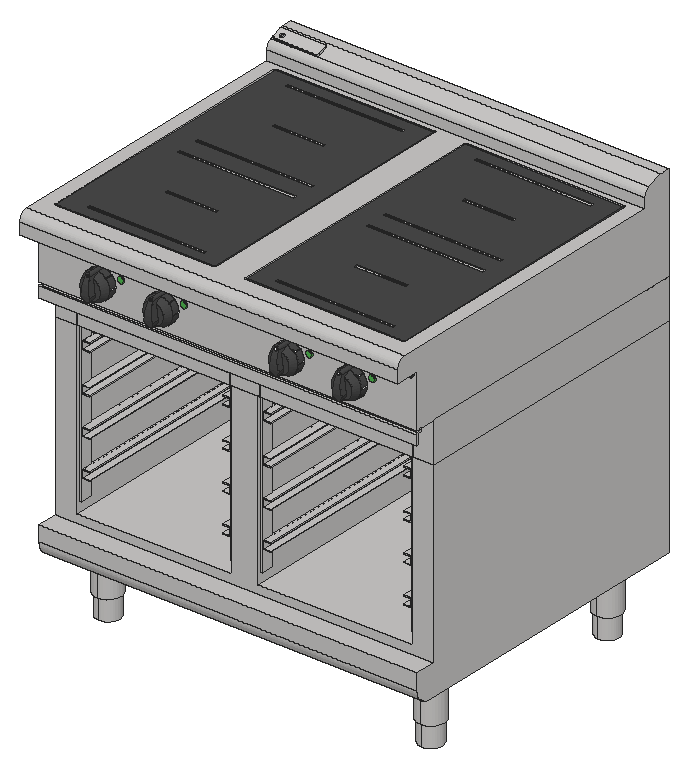
Revit family "QF_Moffat_INL8400R5-CB_Induction_Cooktop_cat", category Specialty Equipment, Revit 2019
Family settings
  Round Connector Dimension = Use Diameter
  Part Type = Normal
  Work Plane-Based = No
  Always vertical = Yes
  Cut with Voids When Loaded = No
  Shared = No
  Room Calculation Point = No
Parameters (values of type "INL8400R5-CB_415/60/3")
  Weight in Kilograms = 105
  Watts = 20000 W
  Volts = 415 V
  URL Cutsheet = ""
  Specification by User = ""
  Specification by Manufacturer = ""
  Show Logo [instance] = yes
  Serial Number = ""
  Seismic Rating = ""
  SMACNA No = ""
  Revision Code = ""
  Phase = 3
  Number of Poles = 1
  NAFEM Spec ID Number = ""
  Model = "INL8400R5-CB"
  Min Ckt Ampacity = 0 A
  Max Overcurrent Protection = 0 A
  Masterspec = ""
  Manufacturer = "Moffat"
  Length = 900 mm
  Item Number = ""
  Installed By = ""
  Identify Quantity as Lot = yes
  Height = 970 mm
  HP = ""
  Furnished By = ""
  Foodservice Equipment Identifier = yes
  FL Amps = 28 A
  Electrical Remarks = ""
  Electric Connection Type = ""
  Elec Conn RI Height = 0 mm
  Elec Conn Connection Height = 0 mm
  Description = "Induction Cooktop"
  Depth = 805 mm
  Cycle = 60 Hz
  Conn Plug = ""
  Conn Conduit = yes
  CSI MasterFormat = ""
  Apparent Power = if(Phase = 3, Volts * FL Amps * 1.73, Volts * FL Amps)  # 20102.6 VA
Reference planes
  plane 1 "BACK": y = 0
  plane 2: z = 0
  plane 3 "LEFT": x = 0
  plane 4 "RIGHT": x = 900
  plane 5 "FRONT": y = -805
  plane 6 "TOP": z = 970
  plane 7 "Center Y": x = 450
  plane 8 "Center X": y = -402.5
  plane 9: x = 65.5
  plane 10: x = 834.5
  plane 11: y = -30
  plane 12: z = 150
  plane 13: y = -100
  plane 14: y = -625
  plane 15: y = -70
  plane 16: z = 915
  plane 17: x = 770
Forms (mm)
  Extrusion 1, solid, material "QF_Metal_Stainless_Polished"
    sketch origin (0, 0, 560) x (0, 1, 0) y (0, 0, 1)
      loop
        line (0, 180) -> (0, 410) -> (-24.305, 410) -> (-57.632, 395.853)
        arc (-57.632, 395.853) -> (-66.628, 388.372) -> (-70, 377.167) r 20.3
        line (-70, 377.167) -> (-70, 355) -> (-784.417, 355)
        arc (-784.417, 355) -> (-798.971, 348.971) -> (-805, 334.417) r 20.583
        line (-805, 334.417) -> (-805, 305) -> (-749, 305) -> (-749, 180) -> (0, 180)
    from 0 to 900
  Extrusion 2, void
    sketch origin (0, -784.171, 915) x (0, 1, 0) y (-1, 0, 0)
      loop
        arc (699.341, -37.323) -> (697.584, -33.08) -> (693.341, -31.323) r 6
        line (693.341, -31.323) -> (45.245, -31.323)
        arc (45.245, -31.323) -> (41.002, -33.08) -> (39.245, -37.323) r 6
        line (39.245, -37.323) -> (39.245, -410.105)
        arc (39.245, -410.105) -> (41.002, -414.347) -> (45.245, -416.105) r 6
        line (45.245, -416.105) -> (693.341, -416.105)
        arc (693.341, -416.105) -> (697.584, -414.347) -> (699.341, -410.105) r 6
        line (699.341, -410.105) -> (699.341, -37.323)
      loop
        line (699.341, -862.677) -> (699.341, -489.895)
        arc (699.341, -489.895) -> (697.584, -485.653) -> (693.341, -483.895) r 6
        line (693.341, -483.895) -> (45.245, -483.895)
        arc (45.245, -483.895) -> (41.002, -485.653) -> (39.245, -489.895) r 6
        line (39.245, -489.895) -> (39.245, -862.677)
        arc (39.245, -862.677) -> (41.002, -866.92) -> (45.245, -868.677) r 6
        line (45.245, -868.677) -> (693.341, -868.677)
        arc (693.341, -868.677) -> (697.584, -866.92) -> (699.341, -862.677) r 6
    from 0 to -9.5
  Extrusion 3, solid, material "QF_Plastic_Black_Smooth"
    sketch origin (0, -784.171, 915) x (0, 1, 0) y (-1, 0, 0)
      loop
        line (695.341, -410.105) -> (695.341, -37.323)
        arc (695.341, -37.323) -> (694.755, -35.908) -> (693.341, -35.323) r 2
        line (693.341, -35.323) -> (45.245, -35.323)
        arc (45.245, -35.323) -> (43.831, -35.908) -> (43.245, -37.323) r 2
        line (43.245, -37.323) -> (43.245, -410.105)
        arc (43.245, -410.105) -> (43.831, -411.519) -> (45.245, -412.105) r 2
        line (45.245, -412.105) -> (693.341, -412.105)
        arc (693.341, -412.105) -> (694.755, -411.519) -> (695.341, -410.105) r 2
      loop
        line (667.194, -86.598) -> (661.194, -86.598) -> (661.194, -363.75) -> (667.194, -363.75) -> (667.194, -86.598)
      loop
        line (526.611, -163.924) -> (526.611, -283.924) -> (532.611, -283.924) -> (532.611, -163.924) -> (526.611, -163.924)
      loop
        line (398.444, -86.598) -> (392.444, -86.598) -> (392.444, -363.75) -> (398.444, -363.75) -> (398.444, -86.598)
      loop
        line (345.944, -86.598) -> (339.944, -86.598) -> (339.944, -363.75) -> (345.944, -363.75) -> (345.944, -86.598)
      loop
        line (206.611, -163.924) -> (206.611, -283.924) -> (212.611, -283.924) -> (212.611, -163.924) -> (206.611, -163.924)
      loop
        line (77.194, -86.598) -> (71.194, -86.598) -> (71.194, -363.75) -> (77.194, -363.75) -> (77.194, -86.598)
      loop
        arc (695.341, -489.895) -> (694.755, -488.481) -> (693.341, -487.895) r 2
        line (693.341, -487.895) -> (45.245, -487.895)
        arc (45.245, -487.895) -> (43.831, -488.481) -> (43.245, -489.895) r 2
        line (43.245, -489.895) -> (43.245, -862.677)
        arc (43.245, -862.677) -> (43.831, -864.092) -> (45.245, -864.677) r 2
        line (45.245, -864.677) -> (693.341, -864.677)
        arc (693.341, -864.677) -> (694.755, -864.092) -> (695.341, -862.677) r 2
        line (695.341, -862.677) -> (695.341, -489.895)
      loop
        line (667.194, -813.402) -> (667.194, -536.25) -> (661.194, -536.25) -> (661.194, -813.402) -> (667.194, -813.402)
      loop
        line (526.611, -736.076) -> (532.611, -736.076) -> (532.611, -616.076) -> (526.611, -616.076) -> (526.611, -736.076)
      loop
        line (398.444, -813.402) -> (398.444, -536.25) -> (392.444, -536.25) -> (392.444, -813.402) -> (398.444, -813.402)
      loop
        line (345.944, -813.402) -> (345.944, -536.25) -> (339.944, -536.25) -> (339.944, -813.402) -> (345.944, -813.402)
      loop
        line (206.611, -736.076) -> (212.611, -736.076) -> (212.611, -616.076) -> (206.611, -616.076) -> (206.611, -736.076)
      loop
        line (77.194, -813.402) -> (77.194, -536.25) -> (71.194, -536.25) -> (71.194, -813.402) -> (77.194, -813.402)
    from 0 to -9.5
  Extrusion 4, solid, material "QF_Metal_Stainless_Polished"
    sketch origin (0, 0, 600) x (0, 1, 0) y (0, 0, 1)
      loop
        line (-739.467, 140) -> (-738.192, 134.838)
        arc (-738.192, 134.838) -> (-738.307, 134.302) -> (-738.799, 134.063) r 0.625
        line (-738.799, 134.063) -> (-746.111, 134.063)
        arc (-746.111, 134.063) -> (-748.011, 133.276) -> (-748.797, 131.377) r 2.686
        line (-748.797, 131.377) -> (-748.797, 107.627) -> (-747.197, 107.627) -> (-747.197, 131.242)
        arc (-747.197, 131.242) -> (-746.84, 132.105) -> (-745.976, 132.463) r 1.221
        line (-745.976, 132.463) -> (-738.755, 132.463)
        arc (-738.755, 132.463) -> (-737.028, 133.304) -> (-736.625, 135.182) r 2.194
        line (-736.625, 135.182) -> (-737.815, 140) -> (-739.467, 140)
    from 0 to 900
  Extrusion 5, solid, material "QF_Plastic_Black_Smooth"
    sketch origin (0, -749, 741.875) x (0, 0, 1) y (-1, 0, 0)
      loop
        circle (112.843, -13.157) r 5
      loop
        circle (112.843, -886.843) r 5
    from 0 to 1.6
  Extrusion 6, solid, material "QF_Metal_Stainless_Polished"
    sketch origin (450, -699, 645) x (0, 1, 0) y (1, 0, 0)
      loop
        circle (669, 320) r 6.35
    from 0 to 10
  Extrusion 7, solid, material "QF_Metal_Stainless_Polished"
    sketch origin (0, -699, 645) x (1, 0, 0) y (0, -1, 0)
      loop
        line (0, -699) -> (900, -699) -> (900, 0) -> (849.2, 0) -> (849.2, -25.4) -> (485.8, -25.4) -> (485.8, 0) -> (414.2, 0) -> (414.2, -25.4) -> (50.8, -25.4) -> (50.8, 0) -> (0, 0) -> (0, -699)
    from 0 to -95
  Extrusion 8, solid, material "QF_Metal_Stainless_Polished"
    sketch origin (50.8, -30, 645) x (0, 1, 0) y (0, 0, 1)
      loop
        line (-669, 0) -> (-643.6, 0) -> (-643.6, 26.45) -> (-669, 26.45) -> (-669, 0)
      loop
        line (-669, 32.45) -> (-643.6, 32.45) -> (-643.6, 66.4) -> (-669, 66.4) -> (-669, 32.45)
      loop
        line (-669, 67.4) -> (-643.6, 67.4) -> (-643.6, 95) -> (-669, 95) -> (-669, 67.4)
    from 0 to 363.4
  Extrusion 9, solid, material "QF_Metal_Stainless_Polished"
    sketch origin (900, 0, 560) x (-1, 0, 0) y (0, -1, 0)
      loop
        line (536.25, 122.976) -> (536.25, 116.976) -> (813.402, 116.976) -> (813.402, 122.976) -> (536.25, 122.976)
      loop
        line (736.076, 251.56) -> (736.076, 257.56) -> (616.076, 257.56) -> (616.076, 251.56) -> (736.076, 251.56)
      loop
        line (813.402, 385.726) -> (813.402, 391.726) -> (536.25, 391.726) -> (536.25, 385.726) -> (813.402, 385.726)
      loop
        line (813.402, 438.226) -> (813.402, 444.226) -> (536.25, 444.226) -> (536.25, 438.226) -> (813.402, 438.226)
      loop
        line (736.076, 571.56) -> (736.076, 577.56) -> (616.076, 577.56) -> (616.076, 571.56) -> (736.076, 571.56)
      loop
        line (536.25, 712.976) -> (536.25, 706.976) -> (813.402, 706.976) -> (813.402, 712.976) -> (536.25, 712.976)
      loop
        line (363.75, 122.976) -> (86.598, 122.976) -> (86.598, 116.976) -> (363.75, 116.976) -> (363.75, 122.976)
      loop
        line (163.924, 251.56) -> (283.924, 251.56) -> (283.924, 257.56) -> (163.924, 257.56) -> (163.924, 251.56)
      loop
        line (86.598, 385.726) -> (363.75, 385.726) -> (363.75, 391.726) -> (86.598, 391.726) -> (86.598, 385.726)
      loop
        line (86.598, 438.226) -> (363.75, 438.226) -> (363.75, 444.226) -> (86.598, 444.226) -> (86.598, 438.226)
      loop
        line (163.924, 571.56) -> (283.924, 571.56) -> (283.924, 577.56) -> (163.924, 577.56) -> (163.924, 571.56)
      loop
        line (363.75, 712.976) -> (86.598, 712.976) -> (86.598, 706.976) -> (363.75, 706.976) -> (363.75, 712.976)
    from 355 to 345.5
  Extrusion 10, solid, material "QF_Paint_Green"
    sketch origin (63.231, -748.999, 713.75) x (0, 0, 1) y (-1, 0, 0)
      loop
        circle (100.3, -282.5) r 7.15
    from 0 to 1.6
  Extrusion 11, solid, material "QF_Plastic_Black_Smooth"
    sketch origin (75, -748.999, 725.625) x (0, 0, 1) y (-1, 0, 0)
      loop
        circle (112.843, -225) r 5
    from 0 to 1.6
  Extrusion 12, solid, material "QF_Paint_Green"
    sketch origin (-86.769, -748.999, 713.75) x (0, 0, 1) y (-1, 0, 0)
      loop
        circle (100.3, -282.5) r 7.15
    from 0 to 1.6
  Extrusion 13, solid, material "QF_Plastic_Black_Smooth"
    sketch origin (-75, -748.999, 725.625) x (0, 0, 1) y (-1, 0, 0)
      loop
        circle (112.843, -225) r 5
    from 0 to 1.6
  Extrusion 14, solid, material "QF_Paint_Green"
    sketch origin (511.981, -748.999, 713.75) x (0, 0, 1) y (-1, 0, 0)
      loop
        circle (100.3, -282.5) r 7.15
    from 0 to 1.6
  Extrusion 15, solid, material "QF_Plastic_Black_Smooth"
    sketch origin (523.75, -748.999, 725.625) x (0, 0, 1) y (-1, 0, 0)
      loop
        circle (112.843, -225) r 5
    from 0 to 1.6
  Extrusion 16, solid, material "QF_Paint_Green"
    sketch origin (361.981, -748.999, 713.75) x (0, 0, 1) y (-1, 0, 0)
      loop
        circle (100.3, -282.5) r 7.15
    from 0 to 1.6
  Extrusion 17, solid, material "QF_Plastic_Black_Smooth"
    sketch origin (373.75, -748.999, 725.625) x (0, 0, 1) y (-1, 0, 0)
      loop
        circle (112.843, -225) r 5
    from 0 to 1.6
  Extrusion 18, solid, material "QF_Metal_Stainless_Polished"
    sketch origin (849.2, -30, 645) x (0, 1, 0) y (0, 0, -1)
      loop
        line (-669, 0) -> (-669, -26.45) -> (-643.6, -26.45) -> (-643.6, 0) -> (-669, 0)
      loop
        line (-669, -32.45) -> (-669, -66.4) -> (-643.6, -66.4) -> (-643.6, -32.45) -> (-669, -32.45)
      loop
        line (-669, -67.4) -> (-669, -95) -> (-643.6, -95) -> (-643.6, -67.4) -> (-669, -67.4)
    from 0 to 363.4
Cuts and joins
  Extrusion 2 cuts Extrusion 1
Lines and regions (mm)
  symbolic lines
    curve 1: line (0, 0, 0) -> (900, 0, 0)
    curve 2: line (0, -805, 0) -> (0, 0, 0)
    curve 3: line (900, -805, 0) -> (0, -805, 0)
    curve 4: line (900, 0, 0) -> (900, -805, 0)
    curve 5: line (0, -18.182, 0) -> (900, -18.182, 0)
    curve 6: line (0, -70, 0) -> (450, -70, 0)
    curve 7: line (37.323, -84.83, 0) -> (410.105, -84.83, 0)
    curve 8: arc (410.105, -84.83, 0) -> (414.347, -86.587, 0) -> (416.105, -90.83, 0) r 6
    curve 9: line (416.105, -90.83, 0) -> (416.105, -738.926, 0)
    curve 10: arc (416.105, -738.926, 0) -> (414.347, -743.168, 0) -> (410.105, -744.926, 0) r 6
    curve 11: line (410.105, -744.926, 0) -> (37.323, -744.926, 0)
    curve 12: arc (37.323, -744.926, 0) -> (33.08, -743.168, 0) -> (31.323, -738.926, 0) r 6
    curve 13: line (31.323, -738.926, 0) -> (31.323, -90.83, 0)
    curve 14: arc (31.323, -90.83, 0) -> (33.08, -86.587, 0) -> (37.323, -84.83, 0) r 6
    curve 15: line (410.105, -88.83, 0) -> (37.323, -88.83, 0)
    curve 16: arc (37.323, -88.83, 0) -> (35.908, -89.415, 0) -> (35.323, -90.83, 0) r 2
    curve 17: line (35.323, -90.83, 0) -> (35.323, -738.926, 0)
    curve 18: arc (35.323, -738.926, 0) -> (35.908, -740.34, 0) -> (37.323, -740.926, 0) r 2
    curve 19: line (37.323, -740.926, 0) -> (410.105, -740.926, 0)
    curve 20: arc (410.105, -740.926, 0) -> (411.519, -740.34, 0) -> (412.105, -738.926, 0) r 2
    curve 21: line (412.105, -738.926, 0) -> (412.105, -90.83, 0)
    curve 22: arc (412.105, -90.83, 0) -> (411.519, -89.415, 0) -> (410.105, -88.83, 0) r 2
    curve 23: line (416.105, -738.926, 0) -> (416.105, -90.83, 0)
    curve 24: line (412.105, -90.83, 0) -> (412.105, -738.926, 0)
    curve 25: line (862.677, -84.83, 0) -> (489.895, -84.83, 0)
    curve 26: arc (489.895, -84.83, 0) -> (485.653, -86.587, 0) -> (483.895, -90.83, 0) r 6
    curve 27: arc (483.895, -738.926, 0) -> (485.653, -743.168, 0) -> (489.895, -744.926, 0) r 6
    curve 28: line (489.895, -744.926, 0) -> (862.677, -744.926, 0)
    curve 29: arc (862.677, -744.926, 0) -> (866.92, -743.168, 0) -> (868.677, -738.926, 0) r 6
    curve 30: line (868.677, -738.926, 0) -> (868.677, -90.83, 0)
    curve 31: arc (868.677, -90.83, 0) -> (866.92, -86.587, 0) -> (862.677, -84.83, 0) r 6
    curve 32: line (489.895, -88.83, 0) -> (862.677, -88.83, 0)
    curve 33: arc (862.677, -88.83, 0) -> (864.092, -89.415, 0) -> (864.677, -90.83, 0) r 2
    curve 34: line (864.677, -90.83, 0) -> (864.677, -738.926, 0)
    curve 35: arc (864.677, -738.926, 0) -> (864.092, -740.34, 0) -> (862.677, -740.926, 0) r 2
    curve 36: line (862.677, -740.926, 0) -> (489.895, -740.926, 0)
    curve 37: arc (489.895, -740.926, 0) -> (488.481, -740.34, 0) -> (487.895, -738.926, 0) r 2
    curve 38: arc (487.895, -90.83, 0) -> (488.481, -89.415, 0) -> (489.895, -88.83, 0) r 2
    curve 39: line (487.895, -90.83, 0) -> (487.895, -738.926, 0)
    curve 40: arc (487.895, -738.926, 0) -> (488.481, -740.34, 0) -> (489.895, -740.926, 0) r 2
    curve 41: line (489.895, -740.926, 0) -> (862.677, -740.926, 0)
    curve 42: arc (862.677, -740.926, 0) -> (864.092, -740.34, 0) -> (864.677, -738.926, 0) r 2
    curve 43: line (864.677, -738.926, 0) -> (864.677, -90.83, 0)
    curve 44: arc (864.677, -90.83, 0) -> (864.092, -89.415, 0) -> (862.677, -88.83, 0) r 2
    curve 45: line (862.677, -88.83, 0) -> (489.895, -88.83, 0)
    curve 46: arc (489.895, -88.83, 0) -> (488.481, -89.415, 0) -> (487.895, -90.83, 0) r 2
    curve 47: line (483.895, -90.83, 0) -> (483.895, -738.926, 0)
    curve 48: arc (483.895, -738.926, 0) -> (485.653, -743.168, 0) -> (489.895, -744.926, 0) r 6
    curve 49: line (489.895, -744.926, 0) -> (862.677, -744.926, 0)
    curve 50: arc (862.677, -744.926, 0) -> (866.92, -743.168, 0) -> (868.677, -738.926, 0) r 6
    curve 51: line (868.677, -738.926, 0) -> (868.677, -90.83, 0)
    curve 52: arc (868.677, -90.83, 0) -> (866.92, -86.587, 0) -> (862.677, -84.83, 0) r 6
    curve 53: line (862.677, -84.83, 0) -> (489.895, -84.83, 0)
    curve 54: arc (489.895, -84.83, 0) -> (485.653, -86.587, 0) -> (483.895, -90.83, 0) r 6
    curve 55: line (86.598, -122.976, 0) -> (363.75, -122.976, 0)
    curve 56: line (363.75, -122.976, 0) -> (363.75, -116.976, 0)
    curve 57: line (363.75, -116.976, 0) -> (86.598, -116.976, 0)
    curve 58: line (86.598, -116.976, 0) -> (86.598, -122.976, 0)
    curve 59: line (283.924, -251.56, 0) -> (163.924, -251.56, 0)
    curve 60: line (163.924, -251.56, 0) -> (163.924, -257.56, 0)
    curve 61: line (163.924, -257.56, 0) -> (283.924, -257.56, 0)
    curve 62: line (283.924, -257.56, 0) -> (283.924, -251.56, 0)
    curve 63: line (536.25, -122.976, 0) -> (813.402, -122.976, 0)
    curve 64: line (813.402, -122.976, 0) -> (813.402, -116.976, 0)
    curve 65: line (813.402, -116.976, 0) -> (536.25, -116.976, 0)
    curve 66: line (536.25, -116.976, 0) -> (536.25, -122.976, 0)
    curve 67: line (736.076, -251.56, 0) -> (616.076, -251.56, 0)
    curve 68: line (616.076, -251.56, 0) -> (616.076, -257.56, 0)
    curve 69: line (616.076, -257.56, 0) -> (736.076, -257.56, 0)
    curve 70: line (736.076, -257.56, 0) -> (736.076, -251.56, 0)
    curve 71: line (736.076, -571.56, 0) -> (616.076, -571.56, 0)
    curve 72: line (616.076, -571.56, 0) -> (616.076, -577.56, 0)
    curve 73: line (616.076, -577.56, 0) -> (736.076, -577.56, 0)
    curve 74: line (736.076, -577.56, 0) -> (736.076, -571.56, 0)
    curve 75: line (813.402, -706.976, 0) -> (536.25, -706.976, 0)
    curve 76: line (536.25, -706.976, 0) -> (536.25, -712.976, 0)
    curve 77: line (536.25, -712.976, 0) -> (813.402, -712.976, 0)
    curve 78: line (813.402, -712.976, 0) -> (813.402, -706.976, 0)
    curve 79: line (86.598, -712.976, 0) -> (363.75, -712.976, 0)
    curve 80: line (363.75, -712.976, 0) -> (363.75, -706.976, 0)
    curve 81: line (363.75, -706.976, 0) -> (86.598, -706.976, 0)
    curve 82: line (86.598, -706.976, 0) -> (86.598, -712.976, 0)
    curve 83: line (283.924, -577.56, 0) -> (163.924, -577.56, 0)
    curve 84: line (163.924, -577.56, 0) -> (163.924, -571.56, 0)
    curve 85: line (163.924, -571.56, 0) -> (283.924, -571.56, 0)
    curve 86: line (283.924, -571.56, 0) -> (283.924, -577.56, 0)
    curve 87: line (86.598, -444.226, 0) -> (363.75, -444.226, 0)
    curve 88: line (363.75, -444.226, 0) -> (363.75, -438.226, 0)
    curve 89: line (363.75, -438.226, 0) -> (86.598, -438.226, 0)
    curve 90: line (86.598, -438.226, 0) -> (86.598, -444.226, 0)
    curve 91: line (86.598, -391.726, 0) -> (363.75, -391.726, 0)
    curve 92: line (363.75, -391.726, 0) -> (363.75, -385.726, 0)
    curve 93: line (363.75, -385.726, 0) -> (86.598, -385.726, 0)
    curve 94: line (86.598, -385.726, 0) -> (86.598, -391.726, 0)
    curve 95: line (0, 0, 560) -> (900, 0, 560)
    curve 96: line (0, -805, 560) -> (0, 0, 560)
    curve 97: line (900, -805, 560) -> (0, -805, 560)
    curve 98: line (900, 0, 560) -> (900, -805, 560)
    curve 99: line (0, -18.182, 560) -> (900, -18.182, 560)
    curve 100: line (0, -70, 560) -> (450, -70, 560)
    curve 101: line (416.105, -90.83, 560) -> (416.105, -738.926, 560)
    curve 102: line (412.105, -738.926, 560) -> (412.105, -90.83, 560)
    curve 103: line (416.105, -738.926, 560) -> (416.105, -90.83, 560)
    curve 104: line (412.105, -90.83, 560) -> (412.105, -738.926, 560)
    curve 105: line (862.677, -84.83, 560) -> (489.895, -84.83, 560)
    curve 106: arc (483.895, -738.926, 560) -> (485.653, -743.168, 560) -> (489.895, -744.926, 560) r 6
    curve 107: line (489.895, -744.926, 560) -> (862.677, -744.926, 560)
    curve 108: arc (862.677, -744.926, 560) -> (866.92, -743.168, 560) -> (868.677, -738.926, 560) r 6
    curve 109: arc (864.677, -738.926, 560) -> (864.092, -740.34, 560) -> (862.677, -740.926, 560) r 2
    curve 110: line (862.677, -740.926, 560) -> (489.895, -740.926, 560)
    curve 111: arc (489.895, -740.926, 560) -> (488.481, -740.34, 560) -> (487.895, -738.926, 560) r 2
    curve 112: arc (487.895, -738.926, 560) -> (488.481, -740.34, 560) -> (489.895, -740.926, 560) r 2
    curve 113: line (489.895, -740.926, 560) -> (862.677, -740.926, 560)
    curve 114: arc (862.677, -740.926, 560) -> (864.092, -740.34, 560) -> (864.677, -738.926, 560) r 2
    curve 115: arc (483.895, -738.926, 560) -> (485.653, -743.168, 560) -> (489.895, -744.926, 560) r 6
    curve 116: line (489.895, -744.926, 560) -> (862.677, -744.926, 560)
    curve 117: arc (862.677, -744.926, 560) -> (866.92, -743.168, 560) -> (868.677, -738.926, 560) r 6
    curve 118: line (86.598, -122.976, 560) -> (363.75, -122.976, 560)
    curve 119: line (363.75, -122.976, 560) -> (363.75, -116.976, 560)
    curve 120: line (363.75, -116.976, 560) -> (86.598, -116.976, 560)
    curve 121: line (86.598, -116.976, 560) -> (86.598, -122.976, 560)
    curve 122: line (283.924, -251.56, 560) -> (163.924, -251.56, 560)
    curve 123: line (163.924, -251.56, 560) -> (163.924, -257.56, 560)
    curve 124: line (163.924, -257.56, 560) -> (283.924, -257.56, 560)
    curve 125: line (283.924, -257.56, 560) -> (283.924, -251.56, 560)
    curve 126: line (536.25, -122.976, 560) -> (813.402, -122.976, 560)
    curve 127: line (813.402, -122.976, 560) -> (813.402, -116.976, 560)
    curve 128: line (813.402, -116.976, 560) -> (536.25, -116.976, 560)
    curve 129: line (536.25, -116.976, 560) -> (536.25, -122.976, 560)
    curve 130: line (736.076, -251.56, 560) -> (616.076, -251.56, 560)
    curve 131: line (616.076, -251.56, 560) -> (616.076, -257.56, 560)
    curve 132: line (616.076, -257.56, 560) -> (736.076, -257.56, 560)
    curve 133: line (736.076, -257.56, 560) -> (736.076, -251.56, 560)
    curve 134: line (736.076, -571.56, 560) -> (616.076, -571.56, 560)
    curve 135: line (616.076, -571.56, 560) -> (616.076, -577.56, 560)
    curve 136: line (616.076, -577.56, 560) -> (736.076, -577.56, 560)
    curve 137: line (736.076, -577.56, 560) -> (736.076, -571.56, 560)
    curve 138: line (813.402, -706.976, 560) -> (536.25, -706.976, 560)
    curve 139: line (536.25, -706.976, 560) -> (536.25, -712.976, 560)
    curve 140: line (536.25, -712.976, 560) -> (813.402, -712.976, 560)
    curve 141: line (813.402, -712.976, 560) -> (813.402, -706.976, 560)
    curve 142: line (86.598, -712.976, 560) -> (363.75, -712.976, 560)
    curve 143: line (363.75, -712.976, 560) -> (363.75, -706.976, 560)
    curve 144: line (363.75, -706.976, 560) -> (86.598, -706.976, 560)
    curve 145: line (86.598, -706.976, 560) -> (86.598, -712.976, 560)
    curve 146: line (283.924, -577.56, 560) -> (163.924, -577.56, 560)
    curve 147: line (163.924, -577.56, 560) -> (163.924, -571.56, 560)
    curve 148: line (163.924, -571.56, 560) -> (283.924, -571.56, 560)
    curve 149: line (283.924, -571.56, 560) -> (283.924, -577.56, 560)
    curve 150: line (86.598, -444.226, 560) -> (363.75, -444.226, 560)
    curve 151: line (363.75, -444.226, 560) -> (363.75, -438.226, 560)
    curve 152: line (363.75, -438.226, 560) -> (86.598, -438.226, 560)
    curve 153: line (86.598, -438.226, 560) -> (86.598, -444.226, 560)
    curve 154: line (86.598, -391.726, 560) -> (363.75, -391.726, 560)
    curve 155: line (363.75, -391.726, 560) -> (363.75, -385.726, 560)
    curve 156: line (363.75, -385.726, 560) -> (86.598, -385.726, 560)
    curve 157: line (86.598, -385.726, 560) -> (86.598, -391.726, 560)
    curve 158: line (536.25, -444.226, 560) -> (813.402, -444.226, 560)
    curve 159: line (813.402, -444.226, 560) -> (813.402, -438.226, 560)
    curve 160: line (813.402, -438.226, 560) -> (536.25, -438.226, 560)
    curve 161: line (536.25, -438.226, 560) -> (536.25, -444.226, 560)
    curve 162: line (536.25, -391.726, 560) -> (813.402, -391.726, 560)
    curve 163: line (813.402, -391.726, 560) -> (813.402, -385.726, 560)
    curve 164: line (813.402, -385.726, 560) -> (536.25, -385.726, 560)
    curve 165: line (536.25, -385.726, 560) -> (536.25, -391.726, 560)
Dimensions and locks
  equal spacing: plane 3 "LEFT", plane 7 "Center Y", plane 4 "RIGHT"
  "Length": plane 3 "LEFT" to plane 4 "RIGHT"
  equal spacing: plane 5 "FRONT", plane 8 "Center X", plane 1 "BACK"
  "Depth": plane 5 "FRONT" to plane 1 "BACK"
  "Height": plane 6 "TOP" to level
  plane 9 to plane 10 = 769 mm
  plane 4 "RIGHT" to plane 3 "LEFT" = 900 mm
  plane 6 "TOP" to plane 2 = 970 mm
  plane 1 "BACK" to plane 11 = 30 mm
  plane 1 "BACK" to plane 13 to plane 14 = 100 mm, 525 mm
  plane 1 "BACK" to plane 15 = 70 mm
  plane 16 to level = 915 mm  (x2)
  level to plane 12 = 150 mm
  plane 12 to level = 150 mm
  plane 4 "RIGHT" to plane 17 = 130 mm
  plane 1 "BACK" to plane 5 "FRONT" = 805 mm
  locked: plane 10 to plane 4 "RIGHT" at 65.5
  aligned and locked: level to plane 2
  aligned and locked: Extrusion 18 to Extrusion 7  (x2)
Automatic sketch dimensions
  Extrusion 2 sketch curve to Extrusion 1 = 39.492 mm  (x2)
  Extrusion 2 sketch curve to Extrusion 2 sketch curve = 6 mm  (x6)
  Extrusion 1 to Extrusion 2 sketch curve = 20.83 mm  (x4)
  Extrusion 1 to Extrusion 2 sketch curve = 31.323 mm
  Extrusion 2 sketch curve to Extrusion 2 sketch curve = 372.782 mm
  Extrusion 2 sketch curve to Extrusion 2 sketch curve = 67.791 mm
  Extrusion 1 to Extrusion 2 sketch curve = 37.323 mm
  Extrusion 4 sketch curve to plane 5 "FRONT" = 56.203 mm
  Extrusion 4 sketch curve to Extrusion 4 sketch curve = 1.6 mm
  Extrusion 4 sketch curve to Extrusion 4 sketch curve = 1.086 mm
  Extrusion 4 sketch curve to Extrusion 4 sketch curve = 0.135 mm  (x2)
  Extrusion 4 sketch curve to Extrusion 4 sketch curve = 6.644 mm
  Extrusion 4 sketch curve to Extrusion 4 sketch curve = 0.668 mm
  Extrusion 4 sketch curve to Extrusion 4 sketch curve = 0.044 mm
  Extrusion 4 sketch curve to Extrusion 4 sketch curve = 0.563 mm
  Extrusion 4 sketch curve to Extrusion 4 sketch curve = 1.652 mm
  Extrusion 4 sketch curve to Extrusion 4 sketch curve = 1.567 mm
  Extrusion 4 sketch curve to plane 16 = 207.373 mm
  Extrusion 4 sketch curve to Extrusion 4 sketch curve = 23.614 mm
  Extrusion 4 sketch curve to Extrusion 4 sketch curve = 0.594 mm
  Extrusion 4 sketch curve to Extrusion 4 sketch curve = 0.032 mm
  Extrusion 4 sketch curve to Extrusion 4 sketch curve = 5.162 mm
  Extrusion 1 to Extrusion 5 sketch curve = 10.282 mm  (x2)
  Extrusion 1 to Extrusion 5 sketch curve = 13.157 mm  (x2)
  Extrusion 12 sketch curve to plane 16 = 100.95 mm
  Extrusion 12 sketch curve to plane 9 = 130.231 mm
  Extrusion 13 sketch curve to plane 16 = 76.532 mm
  Extrusion 13 sketch curve to plane 9 = 84.5 mm
  plane 17 to Extrusion 14 sketch curve = 24.481 mm
  Extrusion 14 sketch curve to plane 16 = 100.95 mm
  Extrusion 15 sketch curve to plane 17 = 21.25 mm
  Extrusion 15 sketch curve to plane 16 = 76.532 mm
  Extrusion 16 sketch curve to plane 16 = 100.95 mm
  Extrusion 16 sketch curve to plane 17 = 125.519 mm
  plane 14 to Extrusion 18 sketch curve = 74 mm
  Extrusion 18 sketch curve to Extrusion 18 sketch curve = 0 mm  (x4)
  Extrusion 18 sketch curve to Extrusion 18 sketch curve = 25.4 mm
  Extrusion 18 sketch curve to plane 16 = 175 mm
  Extrusion 18 sketch curve to Extrusion 18 sketch curve = 27.6 mm
  Extrusion 18 sketch curve to Extrusion 18 sketch curve = 1 mm
  Extrusion 18 sketch curve to Extrusion 18 sketch curve = 33.95 mm
  Extrusion 18 sketch curve to Extrusion 18 sketch curve = 6 mm
  Extrusion 18 sketch curve to Extrusion 18 sketch curve = 26.45 mm
  Extrusion 3 sketch curve to Extrusion 1 = 43.492 mm  (x2)
  Extrusion 3 sketch curve to Extrusion 3 sketch curve = 2 mm  (x6)
  Extrusion 3 sketch curve to Extrusion 3 sketch curve = 25.949 mm  (x2)
  Extrusion 3 sketch curve to Extrusion 3 sketch curve = 6 mm  (x12)
  Extrusion 3 sketch curve to Extrusion 3 sketch curve = 129.416 mm  (x2)
  Extrusion 3 sketch curve to Extrusion 3 sketch curve = 127.334 mm  (x2)
  Extrusion 3 sketch curve to Extrusion 3 sketch curve = 46.5 mm  (x2)
  Extrusion 3 sketch curve to Extrusion 3 sketch curve = 128.166 mm  (x2)
  Extrusion 1 to Extrusion 3 sketch curve = 52.976 mm  (x2)
  Extrusion 1 to Extrusion 3 sketch curve = 20.83 mm  (x4)
  Extrusion 1 to Extrusion 3 sketch curve = 35.323 mm
  Extrusion 3 sketch curve to Extrusion 3 sketch curve = 49.275 mm  (x2)
  Extrusion 1 to Extrusion 3 sketch curve = 86.598 mm  (x4)
  Extrusion 3 sketch curve to Extrusion 3 sketch curve = 0 mm  (x4)
  Extrusion 3 sketch curve to Extrusion 3 sketch curve = 77.326 mm  (x2)
  Extrusion 3 sketch curve to Extrusion 3 sketch curve = 120 mm  (x4)
  Extrusion 3 sketch curve to Extrusion 3 sketch curve = 79.826 mm  (x5)
  Extrusion 3 sketch curve to Extrusion 3 sketch curve = 46.355 mm  (x3)
  Extrusion 3 sketch curve to Extrusion 3 sketch curve = 75.791 mm
  Extrusion 3 sketch curve to Extrusion 3 sketch curve = 172.5 mm
  Extrusion 1 to Extrusion 3 sketch curve = 37.323 mm
  Extrusion 1 sketch curve to plane 5 "FRONT" = 0 mm
  Extrusion 1 sketch curve to plane 16 = 0 mm
  Extrusion 1 sketch curve to plane 15 = 0 mm
  Extrusion 1 sketch curve to plane 6 "TOP" = 0 mm
  Extrusion 1 sketch curve to plane 1 "BACK" = 0 mm
  Extrusion 1 sketch curve to Extrusion 1 sketch curve = 20.583 mm
  Extrusion 1 sketch curve to Extrusion 1 sketch curve = 35.417 mm
  Extrusion 1 sketch curve to plane 15 = 12.368 mm
  plane 11 to Extrusion 1 sketch curve = 19.7 mm
  Extrusion 1 sketch curve to plane 11 = 5.695 mm
  Extrusion 1 sketch curve to Extrusion 1 sketch curve = 29.417 mm
  Extrusion 1 sketch curve to plane 16 = 175 mm
  plane 16 to Extrusion 1 sketch curve = 22.167 mm
  curve 8 to curve 22 = 0 mm  (x2)
  curve 10 to curve 20 = 0 mm  (x2)
  curve 12 to curve 18 = 0 mm  (x2)
  curve 14 to curve 16 = 0 mm  (x2)
  curve 26 to curve 38 = 0 mm  (x2)
  curve 26 to curve 46 = 0 mm  (x2)
  curve 26 to curve 54 = 0 mm  (x2)
  curve 27 to curve 37 = 0 mm  (x2)
  curve 27 to curve 40 = 0 mm  (x2)
  curve 27 to curve 48 = 0 mm  (x2)
  curve 29 to curve 35 = 0 mm  (x2)
  curve 29 to curve 42 = 0 mm  (x2)
  curve 29 to curve 50 = 0 mm  (x2)
  curve 31 to curve 33 = 0 mm  (x2)
  curve 31 to curve 44 = 0 mm  (x2)
  curve 31 to curve 52 = 0 mm  (x2)
  curve 33 to curve 44 = 0 mm  (x2)
  curve 33 to curve 52 = 0 mm  (x2)
  curve 35 to curve 42 = 0 mm  (x2)
  curve 35 to curve 50 = 0 mm  (x2)
  curve 37 to curve 40 = 0 mm  (x2)
  curve 37 to curve 48 = 0 mm  (x2)
  curve 38 to curve 46 = 0 mm  (x2)
  curve 38 to curve 54 = 0 mm  (x2)
  curve 40 to curve 48 = 0 mm  (x2)
  curve 42 to curve 50 = 0 mm  (x2)
  curve 44 to curve 52 = 0 mm  (x2)
  curve 46 to curve 54 = 0 mm  (x2)
  plane 1 "BACK" to curve 1 = 0 mm
  curve 1 to plane 3 "LEFT" = 0 mm
  curve 6 to plane 7 "Center Y" = 0 mm
  curve 5 to plane 4 "RIGHT" = 0 mm
  plane 5 "FRONT" to curve 3 = 0 mm
  plane 15 to curve 6 = 0 mm
  plane 3 "LEFT" to curve 13 = 31.323 mm
  curve 13 to curve 17 = 4 mm
  curve 16 to curve 16 = 2 mm
  curve 17 to curve 18 = 2 mm
  curve 94 to plane 9 = 21.098 mm
  curve 57 to plane 9 = 21.098 mm
  curve 79 to plane 9 = 21.098 mm
  curve 87 to plane 9 = 21.098 mm
  curve 83 to plane 14 = 47.44 mm
  curve 83 to plane 9 = 98.424 mm
  curve 59 to plane 9 = 98.424 mm
  curve 60 to curve 61 = 120 mm
  curve 85 to plane 14 = 53.44 mm
  curve 84 to curve 85 = 120 mm
  curve 79 to plane 7 "Center Y" = 86.25 mm
  curve 88 to plane 8 "Center X" = 41.726 mm
  curve 88 to plane 7 "Center Y" = 86.25 mm
  plane 13 to curve 57 = 16.976 mm
  curve 57 to plane 7 "Center Y" = 86.25 mm
  plane 8 "Center X" to curve 93 = 16.774 mm
  curve 93 to curve 88 = 0 mm
  curve 10 to plane 7 "Center Y" = 39.895 mm
  curve 22 to plane 13 = 9.17 mm
  curve 22 to plane 7 "Center Y" = 39.895 mm
  curve 10 to curve 21 = 2 mm
  plane 7 "Center Y" to curve 47 = 33.895 mm
  curve 54 to curve 39 = 4 mm
  curve 38 to curve 45 = 2 mm
  curve 37 to curve 40 = 2 mm
  curve 27 to curve 77 = 46.355 mm
  plane 13 to curve 65 = 16.976 mm
  curve 38 to curve 65 = 46.355 mm
  curve 72 to plane 14 = 53.44 mm
  curve 72 to plane 17 = 153.924 mm
  curve 63 to curve 68 = 79.826 mm
  curve 70 to plane 17 = 33.924 mm
  curve 73 to plane 17 = 33.924 mm
  plane 10 to curve 65 = 21.098 mm
  plane 10 to curve 78 = 21.098 mm
  curve 33 to plane 13 = 9.17 mm
  curve 33 to plane 10 = 28.177 mm
  curve 50 to plane 10 = 28.177 mm
  curve 31 to curve 34 = 2 mm
  curve 28 to plane 5 "FRONT" = 60.074 mm
  curve 11 to plane 5 "FRONT" = 60.074 mm
  curve 29 to curve 77 = 25.949 mm
  curve 10 to curve 80 = 25.949 mm
  curve 79 to curve 82 = 6 mm
  curve 77 to curve 75 = 6 mm
  curve 73 to curve 71 = 6 mm
  curve 87 to curve 90 = 6 mm
  curve 92 to curve 92 = 6 mm
  plane 8 "Center X" to curve 68 = 144.94 mm
  plane 8 "Center X" to curve 61 = 144.94 mm
  curve 69 to curve 67 = 6 mm
  curve 61 to curve 62 = 6 mm
  curve 64 to curve 64 = 6 mm
  curve 55 to curve 57 = 6 mm
  curve 5 to plane 11 = 11.818 mm
  curve 158 to plane 8 "Center X" = 41.726 mm
  plane 7 "Center Y" to curve 158 = 86.25 mm
  plane 8 "Center X" to curve 165 = 16.774 mm
  curve 165 to curve 160 = 0 mm
  plane 10 to curve 159 = 21.098 mm
  plane 10 to curve 162 = 21.098 mm
  curve 158 to curve 160 = 6 mm
  curve 162 to curve 164 = 6 mm
  Extrusion 7 to Extrusion 6 sketch curve = 30 mm
  Extrusion 6 sketch curve to Extrusion 7 = 79.2 mm
  Extrusion 7 sketch curve to plane 3 "LEFT" = 0 mm
  Extrusion 7 sketch curve to plane 4 "RIGHT" = 0 mm
  plane 1 "BACK" to Extrusion 7 sketch curve = 0 mm
  plane 9 to Extrusion 7 sketch curve = 14.7 mm
  Extrusion 7 sketch curve to plane 7 "Center Y" = 35.8 mm
  plane 7 "Center Y" to Extrusion 7 sketch curve = 35.8 mm
  Extrusion 7 sketch curve to plane 10 = 14.7 mm
  plane 14 to Extrusion 7 sketch curve = 48.6 mm  (x2)
  Extrusion 7 sketch curve to Extrusion 7 sketch curve = 25.4 mm  (x3)
  Extrusion 8 sketch curve to Extrusion 7 = 0 mm  (x8)
  Extrusion 7 to Extrusion 8 sketch curve = 26.45 mm
  Extrusion 8 sketch curve to Extrusion 8 sketch curve = 6 mm
  Extrusion 7 to Extrusion 8 sketch curve = 28.6 mm
  Extrusion 8 sketch curve to Extrusion 8 sketch curve = 1 mm
  Extrusion 9 sketch curve to plane 10 = 21.098 mm  (x4)
  plane 17 to Extrusion 9 sketch curve = 33.924 mm  (x2)
  plane 14 to Extrusion 9 sketch curve = 47.44 mm
  Extrusion 9 sketch curve to Extrusion 9 sketch curve = 120 mm  (x2)
  plane 8 "Center X" to Extrusion 9 sketch curve = 41.726 mm  (x2)
  Extrusion 9 sketch curve to plane 7 "Center Y" = 86.25 mm  (x3)
  Extrusion 9 sketch curve to plane 8 "Center X" = 16.774 mm  (x2)
  Extrusion 9 sketch curve to Extrusion 9 sketch curve = 0 mm  (x2)
  Extrusion 9 sketch curve to plane 13 = 22.976 mm
  plane 7 "Center Y" to Extrusion 9 sketch curve = 86.25 mm  (x3)
  Extrusion 9 sketch curve to plane 13 = 16.976 mm
  plane 14 to Extrusion 9 sketch curve = 53.44 mm
  Extrusion 9 sketch curve to Extrusion 9 sketch curve = 79.826 mm  (x2)
  plane 9 to Extrusion 9 sketch curve = 98.424 mm  (x2)
  plane 9 to Extrusion 9 sketch curve = 21.098 mm  (x4)
  Extrusion 9 sketch curve to plane 14 = 81.976 mm  (x2)
  Extrusion 9 sketch curve to Extrusion 9 sketch curve = 6 mm  (x12)
  Extrusion 9 sketch curve to plane 8 "Center X" = 144.94 mm  (x2)
  Extrusion 10 sketch curve to plane 16 = 100.95 mm
  Extrusion 10 sketch curve to plane 7 "Center Y" = 104.269 mm
  Extrusion 11 sketch curve to plane 16 = 76.532 mm
  Extrusion 11 sketch curve to plane 7 "Center Y" = 150 mm
  Extrusion 17 sketch curve to plane 16 = 76.532 mm
  plane 7 "Center Y" to Extrusion 17 sketch curve = 148.75 mm
  curve 106 to curve 111 = 0 mm  (x2)
  curve 106 to curve 112 = 0 mm  (x2)
  curve 106 to curve 115 = 0 mm  (x2)
  curve 108 to curve 109 = 0 mm  (x2)
  curve 108 to curve 114 = 0 mm  (x2)
  curve 108 to curve 117 = 0 mm  (x2)
  curve 109 to curve 114 = 0 mm  (x2)
  curve 109 to curve 117 = 0 mm  (x2)
  curve 111 to curve 112 = 0 mm  (x2)
  curve 111 to curve 115 = 0 mm  (x2)
  curve 112 to curve 115 = 0 mm  (x2)
  curve 114 to curve 117 = 0 mm  (x2)
  plane 1 "BACK" to curve 95 = 0 mm
  curve 95 to plane 3 "LEFT" = 0 mm
  curve 100 to plane 7 "Center Y" = 0 mm
  curve 98 to plane 4 "RIGHT" = 0 mm
  plane 5 "FRONT" to curve 97 = 0 mm
  plane 15 to curve 100 = 0 mm
  curve 153 to plane 9 = 21.098 mm
  curve 157 to plane 9 = 21.098 mm
  curve 145 to plane 9 = 21.098 mm
  curve 121 to plane 9 = 21.098 mm
  curve 148 to plane 9 = 98.424 mm
  curve 122 to plane 9 = 98.424 mm
  curve 122 to curve 125 = 120 mm
  curve 146 to plane 14 = 47.44 mm
  curve 146 to curve 146 = 120 mm
  curve 152 to plane 8 "Center X" = 35.726 mm
  curve 152 to plane 7 "Center Y" = 86.25 mm
  curve 142 to plane 7 "Center Y" = 86.25 mm
  plane 13 to curve 120 = 16.976 mm
  curve 120 to plane 7 "Center Y" = 86.25 mm
  plane 8 "Center X" to curve 154 = 10.774 mm
  curve 154 to curve 151 = 0 mm
  curve 104 to plane 7 "Center Y" = 37.895 mm
  curve 102 to curve 103 = 4 mm
  plane 7 "Center Y" to curve 107 = 39.895 mm
  plane 13 to curve 129 = 22.976 mm
  plane 7 "Center Y" to curve 129 = 86.25 mm
  curve 111 to curve 139 = 46.355 mm
  curve 135 to plane 14 = 47.44 mm
  curve 138 to curve 135 = 79.826 mm
  curve 126 to curve 130 = 79.826 mm
  curve 136 to plane 17 = 33.924 mm
  curve 130 to plane 17 = 33.924 mm
  plane 10 to curve 141 = 21.098 mm
  plane 10 to curve 128 = 21.098 mm
  curve 109 to plane 10 = 28.177 mm
  curve 116 to plane 5 "FRONT" = 60.074 mm
  curve 106 to curve 110 = 4 mm
  curve 110 to curve 117 = 2 mm
  curve 110 to curve 106 = 2 mm
  curve 104 to plane 5 "FRONT" = 66.074 mm
  curve 102 to curve 103 = 0 mm  (x2)
  curve 108 to curve 140 = 25.949 mm
  curve 102 to curve 143 = 25.949 mm
  curve 139 to curve 138 = 6 mm
  curve 142 to curve 144 = 6 mm
  curve 136 to curve 137 = 6 mm
  curve 146 to curve 148 = 6 mm
  curve 151 to curve 151 = 6 mm
  curve 154 to curve 157 = 6 mm
  plane 8 "Center X" to curve 132 = 144.94 mm
  plane 8 "Center X" to curve 125 = 144.94 mm
  curve 132 to curve 133 = 6 mm
  curve 124 to curve 122 = 6 mm
  curve 121 to curve 120 = 6 mm
  curve 126 to curve 128 = 6 mm
  curve 102 to plane 13 = 9.17 mm
  plane 15 to curve 105 = 14.83 mm
  plane 7 "Center Y" to curve 105 = 39.895 mm
  curve 105 to plane 10 = 28.177 mm
  curve 99 to plane 11 = 11.818 mm
  radius of Extrusion 5 sketch curve = 5 mm  (x2)
  radius of Extrusion 12 sketch curve = 7.15 mm
  radius of Extrusion 13 sketch curve = 5 mm
  radius of Extrusion 14 sketch curve = 7.15 mm
  radius of Extrusion 15 sketch curve = 5 mm
  radius of Extrusion 16 sketch curve = 7.15 mm
  radius of Extrusion 6 sketch curve = 6.35 mm
  radius of Extrusion 10 sketch curve = 7.15 mm
  radius of Extrusion 11 sketch curve = 5 mm
  radius of Extrusion 17 sketch curve = 5 mm
Nested families
  nested 1: "IN8400F-CB_Cabinet base" at (0, 0, 0), type "IN511F-LS"
  nested 2: "Knob" at (267.5, -739.499, 760.75), type "Knob"
  nested 3: "Knob" at (117.5, -739.499, 760.75), type "Knob"
  nested 4: "Knob" at (716.25, -739.499, 760.75), type "Knob"
  nested 5: "Knob" at (566.25, -739.499, 760.75), type "Knob"
  nested 6: "QF_LOGO_Waldorf1" at (2, -55.308, 956.84), visible <- "Show Logo", type "QF_LOGO_Waldorf 2"
Connectors
  electrical at (770, -30, 635), driven by "Volts", driven by "Watts"
    settings: on Extrusion 6, index 5, voltage 415 V, apparent load 20000 VA, apparent load phase1 0 VA, apparent load phase2 0 VA, apparent load phase3 0 VA, power factor 1, load classification "Other", number of poles 1, system type 30, power factor state 1, is connector primary yes, connector utility no, sub classification motor no, connector description "ELEECTRICAL CONNECTION"
Definition of nested family "IN8400F-CB_Cabinet base"
  Parameters (values of type "IN511F-LS")
    Model = ""
    Manufacturer = ""
    Description = ""
  Reference planes
    plane 1 "BACK": y = 0
    plane 2: z = 0
    plane 3 "LEFT": x = 0
    plane 4 "RIGHT": x = 900
    plane 5 "FRONT": y = -805
    plane 6 "TOP": z = 1130
    plane 7 "Center Y": x = 450
    plane 8 "Center X": y = -402.5
    plane 9: x = 65.5
    plane 10: x = 834.5
    plane 11: y = -100
    plane 12: y = -625
    plane 13: z = 150
    plane 14: z = 645
  Forms (mm)
    Revolve 1, solid
      sketch origin (65.5, -4572, 255.2) x (0, 0, -1) y (0, -1, 0)
        loop
          line (255.2, -3974.5) -> (255.2, -3947) -> (105.2, -3947) -> (105.2, -3978.75) -> (205.2, -3978.75) -> (205.2, -3974.5) -> (255.2, -3974.5)
        axis (105.2, -3947) -> (255.2, -3947)
      angle from 0 to 360
    Revolve 2, solid
      sketch origin (834.5, -4572, 255.2) x (0, 0, -1) y (0, 1, 0)
        loop
          line (255.2, 3974.5) -> (205.2, 3974.5) -> (205.2, 3978.75) -> (105.2, 3978.75) -> (105.2, 3947) -> (255.2, 3947) -> (255.2, 3974.5)
        axis (105.2, 3947) -> (255.2, 3947)
      angle from 0 to 360
    Extrusion 3, solid
      sketch origin (0, 0, 0) x (0, 1, 0) y (0, 0, 1)
        loop
          line (-50.8, 150) -> (-50.8, 242.5) -> (-699, 242.5) -> (-699, 222.5) -> (-747.95, 222.5) -> (-747.95, 185)
          arc (-747.95, 185) -> (-737.699, 160.251) -> (-712.95, 150) r 35
          line (-712.95, 150) -> (-50.8, 150)
      from 0 to 900
    Extrusion 4, solid
      sketch origin (-6096, 120, 150) x (0, 1, 0) y (-1, 0, 0)
        loop
          line (-120, -6096) -> (-819, -6096) -> (-819, -6146.8) -> (-170.8, -6146.8) -> (-170.8, -6514.25) -> (-819, -6514.25) -> (-819, -6577.75) -> (-170.8, -6577.75) -> (-170.8, -6945.2) -> (-819, -6945.2) -> (-819, -6996) -> (-120, -6996) -> (-120, -6096)
      from 0 to 495
    Extrusion 5, solid
      sketch origin (50.8, -50.8, 267.5) x (0, 0, 1) y (1, 0, 0)
        loop
          line (325, 25.4) -> (325, 6.4) -> (345, 6.4) -> (345, 25.4) -> (343.4, 25.4) -> (343.4, 8) -> (326.6, 8) -> (326.6, 25.4) -> (325, 25.4)
        loop
          line (230, 25.4) -> (230, 6.4) -> (250, 6.4) -> (250, 25.4) -> (248.4, 25.4) -> (248.4, 8) -> (231.6, 8) -> (231.6, 25.4) -> (230, 25.4)
        loop
          line (140, 25.4) -> (140, 6.4) -> (160, 6.4) -> (160, 25.4) -> (158.4, 25.4) -> (158.4, 8) -> (141.6, 8) -> (141.6, 25.4) -> (140, 25.4)
        loop
          line (50, 25.4) -> (50, 6.4) -> (70, 6.4) -> (70, 25.4) -> (68.4, 25.4) -> (68.4, 8) -> (51.6, 8) -> (51.6, 25.4) -> (50, 25.4)
      from 0 to -641.85
    Extrusion 6, solid
      sketch origin (50.8, 44.437, 150) x (0, 1, 0) y (0, 0, 1)
        loop
          line (-95.237, 493.4) -> (-120.637, 493.4) -> (-120.637, 117.5) -> (-95.237, 117.5) -> (-95.237, 493.4)
        loop
          line (-709.687, 117.5) -> (-709.687, 495) -> (-737.087, 495) -> (-737.087, 117.5) -> (-709.687, 117.5)
      from 0 to 6.4
    Revolve 7, solid
      sketch origin (65.5, -4047, 255.2) x (0, 0, -1) y (0, -1, 0)
        loop
          line (255.2, -3974.5) -> (255.2, -3947) -> (105.2, -3947) -> (105.2, -3978.75) -> (205.2, -3978.75) -> (205.2, -3974.5) -> (255.2, -3974.5)
        axis (105.2, -3947) -> (255.2, -3947)
      angle from 0 to 360
    Revolve 8, solid
      sketch origin (834.5, -4047, 255.2) x (0, 0, -1) y (0, 1, 0)
        loop
          line (255.2, 3974.5) -> (205.2, 3974.5) -> (205.2, 3978.75) -> (105.2, 3978.75) -> (105.2, 3947) -> (255.2, 3947) -> (255.2, 3974.5)
        axis (105.2, 3947) -> (255.2, 3947)
      angle from 0 to 360
    Extrusion 9, solid
      sketch origin (418.25, 44.437, 150) x (0, 1, 0) y (0, 0, -1)
        loop
          line (-95.237, -488.4) -> (-95.237, -117.5) -> (-120.637, -117.5) -> (-120.637, -488.4) -> (-95.237, -488.4)
        loop
          line (-709.687, -117.5) -> (-737.087, -117.5) -> (-737.087, -490) -> (-709.687, -490) -> (-709.687, -117.5)
      from 0 to 6.4
    Extrusion 10, solid
      sketch origin (481.75, 44.437, 150) x (0, 1, 0) y (0, 0, 1)
        loop
          line (-95.237, 488.4) -> (-120.637, 488.4) -> (-120.637, 117.5) -> (-95.237, 117.5) -> (-95.237, 488.4)
        loop
          line (-709.687, 117.5) -> (-709.687, 490) -> (-737.087, 490) -> (-737.087, 117.5) -> (-709.687, 117.5)
      from 0 to 6.4
    Extrusion 11, solid
      sketch origin (849.2, 44.437, 150) x (0, 1, 0) y (0, 0, -1)
        loop
          line (-95.237, -493.4) -> (-95.237, -117.5) -> (-120.637, -117.5) -> (-120.637, -493.4) -> (-95.237, -493.4)
        loop
          line (-709.687, -117.5) -> (-737.087, -117.5) -> (-737.087, -495) -> (-709.687, -495) -> (-709.687, -117.5)
      from 0 to 6.4
    Extrusion 12, solid
      sketch origin (500.8, -50.8, 267.5) x (0, 0, 1) y (1, 0, 0)
        loop
          line (325, 323) -> (326.6, 323) -> (326.6, 340.4) -> (343.4, 340.4) -> (343.4, 323) -> (345, 323) -> (345, 342) -> (325, 342) -> (325, 323)
        loop
          line (230, 323) -> (231.6, 323) -> (231.6, 340.4) -> (248.4, 340.4) -> (248.4, 323) -> (250, 323) -> (250, 342) -> (230, 342) -> (230, 323)
        loop
          line (140, 323) -> (141.6, 323) -> (141.6, 340.4) -> (158.4, 340.4) -> (158.4, 323) -> (160, 323) -> (160, 342) -> (140, 342) -> (140, 323)
        loop
          line (50, 323) -> (51.6, 323) -> (51.6, 340.4) -> (68.4, 340.4) -> (68.4, 323) -> (70, 323) -> (70, 342) -> (50, 342) -> (50, 323)
      from 0 to -641.85
    Extrusion 13, solid
      sketch origin (69.85, -50.8, 267.5) x (0, 0, 1) y (1, 0, 0)
        loop
          line (325, 323) -> (326.6, 323) -> (326.6, 340.4) -> (343.4, 340.4) -> (343.4, 323) -> (345, 323) -> (345, 342) -> (325, 342) -> (325, 323)
        loop
          line (230, 323) -> (231.6, 323) -> (231.6, 340.4) -> (248.4, 340.4) -> (248.4, 323) -> (250, 323) -> (250, 342) -> (230, 342) -> (230, 323)
        loop
          line (140, 323) -> (141.6, 323) -> (141.6, 340.4) -> (158.4, 340.4) -> (158.4, 323) -> (160, 323) -> (160, 342) -> (140, 342) -> (140, 323)
        loop
          line (50, 323) -> (51.6, 323) -> (51.6, 340.4) -> (68.4, 340.4) -> (68.4, 323) -> (70, 323) -> (70, 342) -> (50, 342) -> (50, 323)
      from 0 to -641.85
    Extrusion 14, solid
      sketch origin (830.15, -50.8, 267.5) x (0, 0, 1) y (1, 0, 0)
        loop
          line (325, -323) -> (325, -342) -> (345, -342) -> (345, -323) -> (343.4, -323) -> (343.4, -340.4) -> (326.6, -340.4) -> (326.6, -323) -> (325, -323)
        loop
          line (230, -323) -> (230, -342) -> (250, -342) -> (250, -323) -> (248.4, -323) -> (248.4, -340.4) -> (231.6, -340.4) -> (231.6, -323) -> (230, -323)
        loop
          line (140, -323) -> (140, -342) -> (160, -342) -> (160, -323) -> (158.4, -323) -> (158.4, -340.4) -> (141.6, -340.4) -> (141.6, -323) -> (140, -323)
        loop
          line (50, -323) -> (50, -342) -> (70, -342) -> (70, -323) -> (68.4, -323) -> (68.4, -340.4) -> (51.6, -340.4) -> (51.6, -323) -> (50, -323)
      from 0 to -641.85
  Cuts and joins
    joined: Extrusion 3, Extrusion 4
  Dimensions and locks
    equal spacing: plane 3 "LEFT", plane 7 "Center Y", plane 4 "RIGHT"
    plane 3 "LEFT" to plane 4 "RIGHT" = 900 mm
    equal spacing: plane 5 "FRONT", plane 8 "Center X", plane 1 "BACK"
    plane 5 "FRONT" to plane 1 "BACK" = 805 mm
    plane 6 "TOP" to level = 1130 mm
    plane 9 to plane 10 = 769 mm
    plane 4 "RIGHT" to plane 3 "LEFT" = 900 mm
    plane 1 "BACK" to plane 5 "FRONT" = 805 mm
    plane 6 "TOP" to plane 2 = 1130 mm
    plane 1 "BACK" to plane 11 to plane 12 = 100 mm, 525 mm
    plane 13 to plane 2 = 150 mm
    locked: Extrusion 4 sketch curve to plane 4 "RIGHT" at 50.8
    Extrusion 4 sketch curve to plane 7 "Center Y" to Extrusion 4 sketch curve = 31.75 mm locked, 31.75 mm locked
    locked: plane 10 to plane 4 "RIGHT" at 65.5
    plane 13 to level = 150 mm
    aligned and locked: level to plane 2
    aligned and locked: plane 14 to cut or joined group of Extrusion 3, Extrusion 4
    aligned and locked: cut or joined group of Extrusion 3, Extrusion 4 to plane 4 "RIGHT"
    aligned and locked: plane 10 to Revolve 2
    aligned and locked: plane 10 to Revolve 8
  Automatic sketch dimensions
    Revolve 1 sketch curve to plane 12 = 0 mm  (x2)
    Revolve 1 sketch curve to plane 13 = 0 mm
    Revolve 1 sketch curve to level = 0 mm  (x2)
    level to Revolve 1 sketch curve = 50 mm
    Revolve 1 sketch curve to Revolve 1 sketch curve = 27.5 mm
    Revolve 1 sketch curve to Revolve 1 sketch curve = 31.75 mm
    Revolve 1 sketch curve to Revolve 1 sketch curve = 25 mm
    Revolve 2 sketch curve to plane 12 = 0 mm  (x2)
    Revolve 2 sketch curve to plane 13 = 0 mm
    Revolve 2 sketch curve to level = 0 mm  (x2)
    level to Revolve 2 sketch curve = 50 mm
    Revolve 2 sketch curve to plane 12 = 27.5 mm
    Revolve 2 sketch curve to Revolve 2 sketch curve = 4.25 mm
    Revolve 2 sketch curve to Revolve 2 sketch curve = 25 mm
    Extrusion 3 sketch curve to plane 13 = 0 mm
    Extrusion 3 sketch curve to plane 5 "FRONT" = 57.05 mm
    Extrusion 3 sketch curve to Extrusion 3 sketch curve = 35 mm
    Extrusion 3 sketch curve to Extrusion 3 sketch curve = 48.95 mm
    Extrusion 3 sketch curve to plane 11 = 49.2 mm
    Extrusion 3 sketch curve to Extrusion 3 sketch curve = 37.5 mm
    plane 13 to Extrusion 3 sketch curve = 92.5 mm
    Extrusion 4 sketch curve to plane 3 "LEFT" = 0 mm
    Extrusion 4 sketch curve to plane 4 "RIGHT" = 0 mm
    plane 1 "BACK" to Extrusion 4 sketch curve = 0 mm
    Extrusion 4 sketch curve to plane 11 = 49.2 mm  (x2)
    plane 12 to Extrusion 4 sketch curve = 74 mm  (x3)
    plane 9 to Extrusion 4 sketch curve = 14.7 mm
    Extrusion 6 to Extrusion 5 sketch curve = 0 mm  (x4)
    Extrusion 5 sketch curve to Extrusion 6 = 19 mm  (x4)
    Extrusion 6 to Extrusion 5 sketch curve = 50 mm
    Extrusion 5 sketch curve to Extrusion 5 sketch curve = 1.6 mm  (x8)
    Extrusion 5 sketch curve to Extrusion 6 = 1.6 mm  (x4)
    Extrusion 5 sketch curve to Extrusion 5 sketch curve = 16.8 mm  (x4)
    Extrusion 5 sketch curve to Extrusion 5 sketch curve = 70 mm  (x2)
    Extrusion 5 sketch curve to Extrusion 6 = 50.9 mm
    Extrusion 5 sketch curve to Extrusion 5 sketch curve = 17.4 mm  (x3)
    Extrusion 5 sketch curve to Extrusion 5 sketch curve = 0 mm
    Extrusion 4 to Extrusion 6 sketch curve = 0 mm
    Extrusion 6 sketch curve to Extrusion 4 = 0 mm
    Extrusion 6 sketch curve to Extrusion 6 sketch curve = 25.4 mm
    Extrusion 4 to Extrusion 6 sketch curve = 33.75 mm
    Extrusion 4 to Extrusion 6 sketch curve = 6.35 mm
    Extrusion 4 to Extrusion 6 sketch curve = 1.6 mm
    Extrusion 4 to Extrusion 6 sketch curve = 117.5 mm  (x2)
    Revolve 7 sketch curve to plane 11 = 0 mm  (x2)
    Revolve 7 sketch curve to plane 13 = 0 mm
    Revolve 7 sketch curve to level = 0 mm  (x2)
    level to Revolve 7 sketch curve = 50 mm
    Revolve 7 sketch curve to Revolve 7 sketch curve = 27.5 mm
    Revolve 7 sketch curve to plane 11 = 31.75 mm
    Revolve 7 sketch curve to Revolve 7 sketch curve = 25 mm
    Revolve 8 sketch curve to plane 11 = 0 mm  (x2)
    Revolve 8 sketch curve to plane 13 = 0 mm
    Revolve 8 sketch curve to level = 0 mm  (x2)
    level to Revolve 8 sketch curve = 50 mm
    Revolve 8 sketch curve to plane 11 = 27.5 mm
    Revolve 8 sketch curve to Revolve 8 sketch curve = 4.25 mm
    Revolve 8 sketch curve to Revolve 8 sketch curve = 25 mm
    plane 12 to Extrusion 9 sketch curve = 67.65 mm
    Extrusion 9 sketch curve to plane 14 = 5 mm
    Extrusion 9 sketch curve to Extrusion 9 sketch curve = 27.4 mm
    Extrusion 9 sketch curve to plane 14 = 6.6 mm
    Extrusion 9 sketch curve to plane 11 = 23.8 mm
    Extrusion 9 sketch curve to Extrusion 9 sketch curve = 25.4 mm
    plane 13 to Extrusion 9 sketch curve = 117.5 mm  (x2)
    plane 12 to Extrusion 10 sketch curve = 67.65 mm
    Extrusion 10 sketch curve to plane 14 = 5 mm
    Extrusion 10 sketch curve to Extrusion 10 sketch curve = 27.4 mm
    Extrusion 10 sketch curve to plane 14 = 6.6 mm
    Extrusion 10 sketch curve to plane 11 = 23.8 mm
    Extrusion 10 sketch curve to Extrusion 10 sketch curve = 25.4 mm
    plane 13 to Extrusion 10 sketch curve = 117.5 mm  (x2)
    Extrusion 11 sketch curve to plane 14 = 0 mm
    plane 12 to Extrusion 11 sketch curve = 67.65 mm
    Extrusion 11 sketch curve to Extrusion 11 sketch curve = 27.4 mm
    Extrusion 11 sketch curve to plane 14 = 1.6 mm
    Extrusion 11 sketch curve to plane 11 = 23.8 mm
    Extrusion 11 sketch curve to Extrusion 11 sketch curve = 25.4 mm
    plane 13 to Extrusion 11 sketch curve = 117.5 mm  (x2)
    plane 10 to Extrusion 12 sketch curve = 10.7 mm  (x8)
    plane 13 to Extrusion 12 sketch curve = 167.5 mm
    Extrusion 12 sketch curve to Extrusion 12 sketch curve = 1.6 mm  (x12)
    Extrusion 12 sketch curve to plane 10 = 6.7 mm  (x4)
    Extrusion 12 sketch curve to Extrusion 12 sketch curve = 16.8 mm  (x4)
    Extrusion 12 sketch curve to Extrusion 12 sketch curve = 70 mm  (x2)
    Extrusion 12 sketch curve to plane 14 = 52.5 mm
    Extrusion 13 sketch curve to plane 7 "Center Y" = 57.15 mm  (x4)
    plane 13 to Extrusion 13 sketch curve = 167.5 mm
    Extrusion 13 sketch curve to Extrusion 13 sketch curve = 1.6 mm  (x12)
    Extrusion 13 sketch curve to Extrusion 13 sketch curve = 16.8 mm  (x4)
    Extrusion 13 sketch curve to Extrusion 13 sketch curve = 70 mm  (x2)
    Extrusion 13 sketch curve to plane 14 = 52.5 mm
    Extrusion 13 sketch curve to Extrusion 13 sketch curve = 0 mm  (x4)
    Extrusion 13 sketch curve to Extrusion 13 sketch curve = 17.4 mm  (x4)
    plane 7 "Center Y" to Extrusion 14 sketch curve = 57.15 mm  (x4)
    plane 13 to Extrusion 14 sketch curve = 167.5 mm
    Extrusion 14 sketch curve to Extrusion 14 sketch curve = 1.6 mm  (x12)
    Extrusion 14 sketch curve to Extrusion 14 sketch curve = 16.8 mm  (x4)
    Extrusion 14 sketch curve to Extrusion 14 sketch curve = 70 mm  (x2)
    Extrusion 14 sketch curve to plane 14 = 52.5 mm
    Extrusion 14 sketch curve to Extrusion 14 sketch curve = 0 mm  (x3)
    Extrusion 14 sketch curve to Extrusion 14 sketch curve = 17.4 mm  (x5)
Definition of nested family "Knob"
  Parameters (values of type "Knob")
    Weight in Pounds = 0
    URL Cutsheet = ""
    Specification by User = ""
    Specification by Manufacturer = ""
    Serial Number = ""
    Seismic Rating = ""
    SMACNA No = ""
    Revision Code = ""
    NAFEM Spec ID Number = ""
    Masterspec = ""
    Length = 65 mm
    Item Number = ""
    Installed By = ""
    Identify Quantity as Lot = yes
    Height = 69.5 mm
    Furnished By = ""
    Foodservice Equipment Identifier = yes
    Depth = 59 mm
    CSI MasterFormat = ""
  Reference planes
    plane 1 "BACK": y = 0
    plane 2: z = 0
